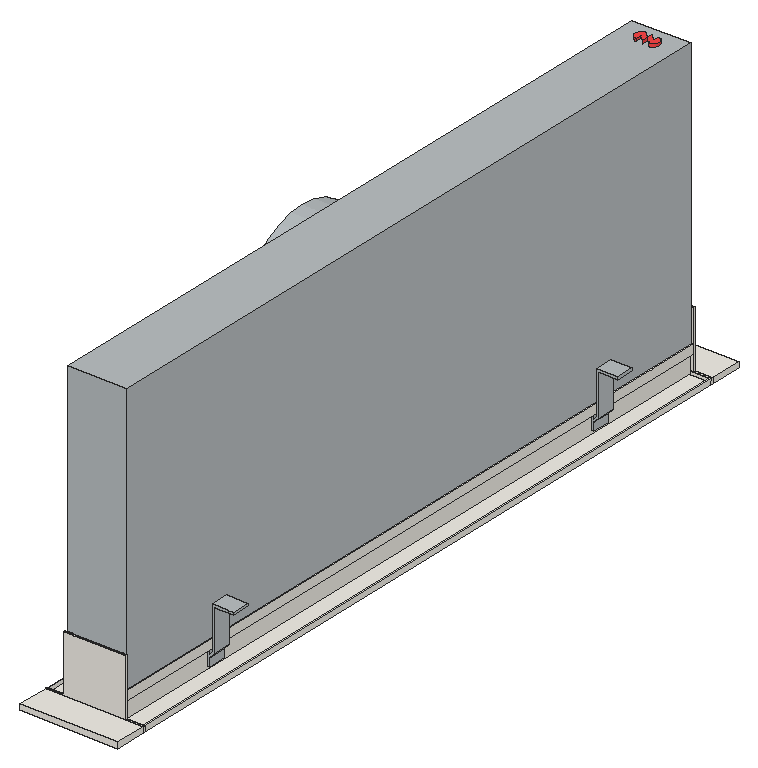
Revit family "NLRS_57_AIR_UN_linear-ceiling-grill-srodxRUx_return_LT_sacs", category Air Terminals, Revit 2021
Family settings
  Round Connector Dimension = Use Diameter
  Part Type = Normal
  Work Plane-Based = No
  Always vertical = Yes
  Cut with Voids When Loaded = No
  Shared = No
  Room Calculation Point = Yes
Parameters (values of type "600")
  URL = "https://solid-air.nl/producten/solid-air-lijnrooster-stad-stbd-srod/"
  Type Comments = "Standard grill with standard plenum"  # constant formula
  Swap_Endcap [instance] = no
  Slots (1-4) [instance] = 1
  SACS_Type_Mark [instance] = ""
  SACS_Standard_Color [instance] = yes
  SACS_Show_Symbol [instance] = yes
  SACS_Show_Arrows [instance] = yes
  SACS_Plenum_Offset [instance] = if(SACS_Index4 = 2 mm, 10 mm, 17.6 mm)  # 17.6 mm
  SACS_Plenum_L [instance] = NLRS_C_lengte - 12 mm  # 588 mm
  SACS_Plenum_H [instance] = 95 mm + NLRS_M_c01_diameter + 25 mm  # 245 mm
  SACS_Plenum_B [instance] = if(SACS_Index4 = 2 mm, 63 mm, 48.8 mm) + (SACS_Index1 - 1 mm) * 43.3  # 48.8 mm
  SACS_Option_5 [instance] = if([Slots (1-4)] < 2, "Single slot", if([Slots (1-4)] = 2, "2 slots", if([Slots (1-4)] = 3, "3 slots", "4 slots")))  # "Single slot"
  SACS_Option_4_Value [instance] = if([Brackets (0-3)] = 1, 1, if([Brackets (0-3)] = 2, 2, if([Brackets (0-3)] = 3, 3, 5)))  # 1
  SACS_Option_4 [instance] = if([Brackets (0-3)] = 1, "A = Grill bracket A", if([Brackets (0-3)] = 2, "B = Plenum bracket B", if([Brackets (0-3)] > 2, "C = Plenum bracket C", "O = None")))  # "A = Grill bracket A"
  SACS_Option_3 [instance] = if([Plenum_Type (1-2)] < 2, "R = Lined", "U = Plain")  # "R = Lined"
  SACS_Option_2 [instance] = if([Endcaps (0-3)] < 1, "A = None", if([Endcaps (0-3)] = 1, "B = One endcap", if([Endcaps (0-3)] = 2, "C = Two endcaps", "D = Two flat endcaps")))  # "C = Two endcaps"
  SACS_Option_1 [instance] = "SROD"  # constant formula
  SACS_Offset1 [instance] = 99.5 mm + (SACS_Diameter / 2)  # 161 mm
  SACS_Model [instance] = size_lookup(SACS_Data_Hidden, "Model", "NB", NLRS_C_lengte, SACS_Index1, SACS_Index2, SACS_Index3, SACS_Index4)  # "SRODCRA 600-1"
  SACS_Index4 [instance] = if([Brackets (0-3)] < 1, 5, if([Brackets (0-3)] > 3, 3, [Brackets (0-3)] - 1)) * 1 mm  # 0 mm
  SACS_Index3 [instance] = if([Plenum_Type (1-2)] < 2, 1 mm, 2 mm)  # 1 mm
  SACS_Index2 [instance] = if([Endcaps (0-3)] < 1, 0, if([Endcaps (0-3)] > 2, 3, [Endcaps (0-3)])) * 1 mm  # 2 mm
  SACS_Index1 [instance] = if([Slots (1-4)] < 2, 1 mm, if([Slots (1-4)] = 2, 2 mm, if([Slots (1-4)] = 3, 3 mm, 4 mm)))  # 1 mm
  SACS_Face_Color [instance] = NLRS_57_anodised aluminium_RAL9010_gen_sacs
  SACS_Dummy = 1  # constant formula
  SACS_Diameter [instance] = NLRS_M_c01_diameter - 2 mm  # 123 mm
  SACS_Data_Hidden = "SRODxRUx"  # constant formula
  SACS_Custom_Color [instance] = ""
  SACS_Color_Ral [instance] = yes
  SACS_Color [instance] = if(SACS_Standard_Color, "RAL9010", SACS_Custom_Color)  # "RAL9010"
  SACS_Base_Index = 1
  SACS_Article_Code [instance] = if(SACS_Standard_Color, size_lookup(SACS_Data_Hidden, "ArticleCode", "NB", NLRS_C_lengte, SACS_Index1, SACS_Index2, SACS_Index3, SACS_Index4), "NB")  # "NB"
  SACS_Array_End [instance] = SACS_Array_Base * SACS_Array_Count * 2  # 400 mm
  SACS_Array_Count [instance] = if(NLRS_C_lengte > 1200 mm, 3, 2)  # 2
  SACS_Array_Base [instance] = NLRS_C_lengte / (SACS_Array_Count + 1) / 2  # 100 mm
  SA-Select [instance] = "https://selectietool.solid-air.nl/Dashboard/CPMDashPage/Show/7"
  Plenum_Type (1-2) [instance] = 1
  Plenum_Material = NLRS_57_sendzimir verzinkt_gen_sacs
  NLRS_M_c01_drukverlies_statisch [instance] = 0.0 Pa
  NLRS_M_c01_diameter [instance] = size_lookup(SACS_Data_Hidden, "Diam", 125 mm, NLRS_C_lengte, SACS_Index1, SACS_Index2, SACS_Index3, SACS_Index4)  # 125 mm
  NLRS_M_c01_debiet [instance] = 0.0 L/s
  NLRS_C_model [instance] = SACS_Model  # "SRODCRA 600-1"
  NLRS_C_materiaal_kleur [instance] = SACS_Color  # "RAL9010"
  NLRS_C_lengte [instance] = if(SACS_Base_Index = 1, 600 mm, if(SACS_Base_Index = 2, 750 mm, if(SACS_Base_Index = 3, 900 mm, if(SACS_Base_Index = 4, 1200 mm, if(SACS_Base_Index = 5, 1500 mm, 1800 mm)))))  # 600 mm
  NLRS_C_hoogte [instance] = SACS_Plenum_H * SACS_Dummy  # 245 mm
  NLRS_C_gtin_code [instance] = if(SACS_Standard_Color, size_lookup(SACS_Data_Hidden, "GTIN", "NB", NLRS_C_lengte, SACS_Index1, SACS_Index2, SACS_Index3, SACS_Index4), "NB")  # "NB"
  NLRS_C_description = Description  # "Solid Air Line Diffuser"
  NLRS_C_content_versie = "2.21.01"  # constant formula
  NLRS_C_content_provider = "Solid Air Climate Solutions"  # constant formula
  NLRS_C_content_datum_gewijzigd = "29-02-2024"  # constant formula
  NLRS_C_content_creator = "J.Feeke"  # constant formula
  NLRS_C_breedte [instance] = if([Brackets (0-3)] > 2, 65 mm, 52 mm) + (SACS_Index1 - 1 mm) * 43.3  # 52 mm
  Model = "Standard available SROD model and types"  # constant formula
  Min Flow = 0.0 L/s
  Max Flow = 0.0 L/s
  Manufacturer = "Solid Air Climate Solutions"  # constant formula
  Endcaps (0-3) [instance] = 2
  Description = "Solid Air Line Diffuser"  # constant formula
  Default Elevation = 2700 mm
  Brackets (0-3) [instance] = 1
  Assembly Code = "57.00"
Types (7, lengths in mm): name | SACS_Plenum_L | SACS_Plenum_H | SACS_Offset1 | SACS_Model | SACS_Diameter | SACS_Base_Index | SACS_Article_Code | SACS_Array_End | SACS_Array_Count | SACS_Array_Base | NLRS_M_c01_diameter | NLRS_C_model | NLRS_C_lengte | NLRS_C_hoogte
  (no name) | 588 | 245 | 161 | "SRODCRA 600-1" | 123 | 1 | "NB" | 400 | 2 | 100 | 125 | "SRODCRA 600-1" | 600 | 245
  600 | 588 | 245 | 161 | "SRODCRA 600-1" | 123 | 1 | "NB" | 400 | 2 | 100 | 125 | "SRODCRA 600-1" | 600 | 245
  750 | 738 | 245 | 161 | "SRODCRA 750-1" | 123 | 2 | "NB" | 500 | 2 | 125 | 125 | "SRODCRA 750-1" | 750 | 245
  900 | 888 | 245 | 161 | "SRODCRA 900-1" | 123 | 3 | "NB" | 600 | 2 | 150 | 125 | "SRODCRA 900-1" | 900 | 245
  1200 | 1188 | 280 | 178.5 | "SRODCRA 1200-1" | 158 | 4 | "8101006212" | 800 | 2 | 200 | 160 | "SRODCRA 1200-1" | 1200 | 280
  1500 | 1488 | 280 | 178.5 | "SRODCRA 1500-1" | 158 | 5 | "NB" | 1125 | 3 | 187.5 | 160 | "SRODCRA 1500-1" | 1500 | 280
  1800 | 1788 | 320 | 198.5 | "SRODCRA 1800-1" | 198 | 6 | "NB" | 1350 | 3 | 225 | 200 | "SRODCRA 1800-1" | 1800 | 320
Reference planes
  plane 1 "Center (Front/Back)": y = 0
  plane 2: z = 0
  plane 3 "Center (Left/Right)": x = 0
  plane 4: y = 300
  plane 5: y = -300
  plane 6: y = 294
  plane 7: y = -294
  plane 8: x = -24.4
  plane 9: x = 24.4
  plane 10: x = -26
  plane 11: x = 26
  plane 12: x = -76
  plane 13: x = 76
  plane 14: z = 17.6
  plane 15: z = 161
  plane 16 "Top": z = 245
  plane 17: y = -200
  plane 18: y = 200
Forms (mm)
  Extrusion 1, solid, material "NLRS_57_sendzimir verzinkt_gen_sacs" <- "Plenum_Material", detail levels medium+fine
    sketch origin (0, 0, 0) x (1, 0, 0) y (0, 0, 1)
      loop
        line (-24.4, 245) -> (-24.4, 17.6) -> (24.4, 17.6) -> (24.4, 245) -> (-24.4, 245)
    from -294 to 294
  Extrusion 2, solid, material "NLRS_57_sendzimir verzinkt_gen_sacs" <- "Plenum_Material", detail levels medium+fine
    sketch origin (0, 0, 0) x (0, 1, 0) y (0, 0, 1)
      loop
        circle (0, 161) r 61.5
    from -64.4 to -24.4
Lines and regions (mm)
  model lines, visible <- "SACS_Show_Symbol", detail levels coarse
    curve 1: line (-26, 300, 0) -> (26, 300, 0)
    curve 2: line (-26, -300, 0) -> (-26, 300, 0)
    curve 3: line (26, -300, 0) -> (-26, -300, 0)
    curve 4: line (26, 300, 0) -> (26, -300, 0)
    curve 5: line (-26, 300, 0) -> (26, -300, 0)
Dimensions and locks
  equal spacing: plane 5, plane 1 "Center (Front/Back)", plane 4
  "NLRS_C_lengte": plane 5 to plane 4
  equal spacing: plane 6, plane 1 "Center (Front/Back)", plane 7
  "SACS_Plenum_L": plane 6 to plane 7
  equal spacing: plane 10, plane 3 "Center (Left/Right)", plane 11
  "NLRS_C_breedte": plane 10 to plane 11
  "SACS_Plenum_B": plane 8 to plane 9
  equal spacing: plane 8, plane 3 "Center (Left/Right)", plane 9
  locked: plane 12 to plane 10 at 50
  locked: plane 11 to plane 13 at 50
  "SACS_Plenum_Offset": plane 14 to plane 2
  "SACS_Plenum_H": plane 16 "Top" to plane 2
  "SACS_Offset1": plane 15 to plane 2
  locked: Extrusion 2 to plane 8 at 40
  "SACS_Array_Base": plane 5 to plane 17
  "SACS_Array_End": plane 18 to plane 17
  locked: plane 6 to nested 4 at 15
  group 1 to group 2 = 0 mm  (x2)
  group 1 to group 2 = 400 mm
  group 3 to group 4 = 0 mm  (x2)
  group 3 to group 4 = 400 mm
  "SACS_Diameter": diameter of Extrusion 2 sketch curve
  aligned and locked: level to plane 2
  aligned and locked: plane 8 to Extrusion 1 sketch curve
  aligned and locked: Extrusion 1 sketch curve to plane 9
  aligned and locked: plane 14 to Extrusion 1 sketch curve
  aligned and locked: Extrusion 1 sketch curve to plane 16 "Top"
  aligned and locked: plane 6 to Extrusion 1
  aligned and locked: Extrusion 1 to plane 7
  aligned and locked: plane 15 to Extrusion 2 sketch curve
  aligned and locked: plane 1 "Center (Front/Back)" to Extrusion 2 sketch curve
  aligned and locked: plane 8 to Extrusion 2
  aligned and locked: plane 1 "Center (Front/Back)" to nested 3
  aligned and locked: plane 3 "Center (Left/Right)" to nested 3
  aligned and locked: curve 2 to plane 10
  aligned and locked: plane 4 to curve 1
  aligned and locked: curve 3 to plane 5
  aligned and locked: plane 11 to curve 4
  aligned and locked: plane 3 "Center (Left/Right)" to nested 4
  aligned and locked: nested 2 to plane 17
  aligned and locked: nested 1 to plane 17
  aligned and locked: nested 1 to plane 13
  aligned and locked: plane 12 to nested 2
  aligned and locked: plane 12 to nested 5
  aligned and locked: nested 5 to plane 18
  aligned and locked: nested 6 to plane 18
  aligned and locked: nested 6 to plane 13
Nested families
  nested 1: "Arrow" at (251, -200, 0) x (-1, 0, 0) z (0, 0, 1), visible <- "SACS_Show_Arrows", type "Arrow"
  nested 2: "Arrow" at (-251, -200, 0), visible <- "SACS_Show_Arrows", type "Arrow"
  nested 3: "SxDxxx" at (0, 0, -4.5), type "SxDxxx", detail levels medium+fine
    with SACS_Array_End 400 mm, SACS_Array_Count 2, SACS_Array_Base 100 mm
  nested 4: "logo_SACS" at (0, 279, 245), type "logo_SACS"
    with t 5 mm
  nested 5: "Arrow" at (-251, 200, 0), visible <- "SACS_Show_Arrows", type "Arrow"
  nested 6: "Arrow" at (251, 200, 0) x (-1, 0, 0) z (0, 0, 1), visible <- "SACS_Show_Arrows", type "Arrow"
Connectors
  hvac at (-24.4, 0, 161), driven by "NLRS_M_c01_diameter", driven by "NLRS_M_c01_debiet", driven by "NLRS_M_c01_drukverlies_statisch"
    settings: on Extrusion 2, index 1, duct flow 0.0 L/s, flow factor 0, pres drop 0.0 Pa, loss coef 0, conn angle 0.00°, conn width 304.8 mm, conn height 304.8 mm, conn diameter 125 mm, duct sys type 2, conn prof type 0, flow config 1, flow direction 2, loss method 4, conn ref index -1, conn util no, is conn primary yes, conn desc ""
Definition of nested family "SxDxxx"
  Parameters (values of type "SxDxxx")
    dummy = 1  # constant formula
    Swap_Endcap = no
    Slots (1-4) = 1
    Single_Slot = [Slots (1-4)] = 2  # no
    Safe_count = if([Slots (1-4)] < 3, 2, [Slots (1-4)] - 1)  # 2
    SACS_Width2 = (if([Slots (1-4)] < 2, 1, [Slots (1-4)])) * 43.3 mm  # 43.3 mm
    SACS_Real_Length = (L - 10 mm) * dummy  # 590 mm
    SACS_Array_End [instance] = SACS_Array_Base * SACS_Array_Count * 2  # 400 mm
    SACS_Array_Count [instance] = if(L > 600 mm, if(L - (rounddown(L / 600 mm) * 600 mm) = 0 mm, rounddown(L / 600 mm), rounddown(L / 600 mm) + 1), 2)  # 2
    SACS_Array_Base [instance] = L / (SACS_Array_Count + 1) / 2  # 100 mm
    Multiple_slot = [Slots (1-4)] > 2  # no
    Material = none
    L = 600 mm
    Flat_Front = or(Endplate_Front, [Endcaps (0-3)] = 3)  # yes
    Flat_Back = or(Endplate_Back, [Endcaps (0-3)] = 3)  # yes
    Endplate_Front = or(and([Endcaps (0-3)] > 1, [Endcaps (0-3)] < 3), and([Endcaps (0-3)] = 1, not(Swap_Endcap)))  # yes
    Endplate_Back = or(and([Endcaps (0-3)] > 1, [Endcaps (0-3)] < 3), and([Endcaps (0-3)] = 1, Swap_Endcap))  # yes
    Endcaps (0-3) = 2
    Description = "ST grill with brackets"  # constant formula
    Default Elevation = 2700 mm
    D = 125 mm
    Ceiling = 5 mm
    Brackets (0-4) = 1
  Reference planes
    plane 1 "Center (Front/Back)": y = 0
    plane 2: z = 0
    plane 3 "Center (Left/Right)": x = 0
    plane 4: y = 300
    plane 5: y = -300
    plane 6: y = 295
    plane 7: y = -295
    plane 8: y = -200
    plane 9: y = 200
    plane 10: x = -21.65
    plane 11 "first_midprofile": x = 21.65
    plane 12 "second midprofile": x = 64.95
    plane 13: z = 4.5
    plane 14: z = 52
    plane 15: z = 35.05
    plane 16: z = 32.55
    plane 17: z = 31.05
    plane 18: z = 36.55
    plane 19: z = 25.6
    plane 20: z = 22.1
    plane 21: z = 20.6
    plane 22: z = 17.6
    plane 23: x = -17.65
    plane 24: x = -25.95
    plane 25: x = -40.6
    plane 26: x = -9.6
    plane 27: x = 21.65
    plane 28: x = 17.65
    plane 29: x = 25.95
    plane 30: x = 40.6
    plane 31: x = 9.6
    plane 32: z = 1.5
    plane 33: x = -39.6
    plane 34: x = 39.6
    plane 35: x = -24.95
    plane 36: x = -22.4
    plane 37: x = -20.9
    plane 38: x = 22.4
    plane 39: x = 20.9
    plane 40: x = 24.95
    plane 41: y = -323.5
    plane 42: y = 323.5
    plane 43: y = -296.5
    plane 44: y = 296.5
  Forms (mm)
    Extrusion 1, solid, material <- "Material", detail levels medium+fine
      sketch origin (0, 0, 0) x (1, 0, 0) y (0, 0, 1)
        loop
          line (-20.9, 52) -> (-22.4, 52) -> (-22.4, 22.1) -> (-24.95, 22.1) -> (-24.95, 25.6) -> (-25.95, 25.6) -> (-25.95, 17.6) -> (-24.95, 17.6) -> (-24.95, 20.6) -> (-22.4, 20.6) -> (-22.4, 1.5) -> (-39.6, 1.5) -> (-39.6, 4.5) -> (-40.6, 4.5) -> (-40.6, 0) -> (-9.6, 0) -> (-9.6, 1.5) -> (-20.9, 1.5) -> (-20.9, 31.05) -> (-17.65, 31.05) -> (-17.65, 32.55) -> (-20.9, 32.55) -> (-20.9, 35.05) -> (-17.65, 35.05) -> (-17.65, 36.55) -> (-20.9, 36.55) -> (-20.9, 52)
        loop
          line (9.6, 1.5) -> (9.6, 0) -> (40.6, 0) -> (40.6, 4.5) -> (39.6, 4.5) -> (39.6, 1.5) -> (22.4, 1.5) -> (22.4, 20.6) -> (24.95, 20.6) -> (24.95, 17.6) -> (25.95, 17.6) -> (25.95, 25.6) -> (24.95, 25.6) -> (24.95, 22.1) -> (22.4, 22.1) -> (22.4, 52) -> (20.9, 52) -> (20.9, 36.55) -> (17.65, 36.55) -> (17.65, 35.05) -> (20.9, 35.05) -> (20.9, 32.55) -> (17.65, 32.55) -> (17.65, 31.05) -> (20.9, 31.05) -> (20.9, 1.5) -> (9.6, 1.5)
      from -295 to 295
    Extrusion 2, solid, material <- "Material", visible <- "Endplate_Front", detail levels medium+fine
      sketch origin (0, 0, 0) x (1, 0, 0) y (0, 1, 0)
        loop
          line (-40.6, -295) -> (-40.6, -323.5) -> (40.6, -323.5) -> (40.6, -295) -> (-40.6, -295)
      from 0 to 4.5
    Extrusion 3, solid, material <- "Material", visible <- "Endplate_Back", detail levels medium+fine
      sketch origin (0, 0, 0) x (1, 0, 0) y (0, 1, 0)
        loop
          line (-40.6, 323.5) -> (-40.6, 295) -> (40.6, 295) -> (40.6, 323.5) -> (-40.6, 323.5)
      from 0 to 4.5
    Extrusion 4, solid, material <- "Material", visible <- "Flat_Front", detail levels medium+fine
      sketch origin (0, 0, 0) x (1, 0, 0) y (0, 0, 1)
        loop
          line (-25.95, 52) -> (-25.95, 4.5) -> (-40.6, 4.5) -> (-40.6, 0) -> (40.6, 0) -> (40.6, 4.5) -> (25.95, 4.5) -> (25.95, 52) -> (-25.95, 52)
      from 295 to 296.5
    Extrusion 5, solid, material <- "Material", visible <- "Flat_Back", detail levels medium+fine
      sketch origin (0, 0, 0) x (1, 0, 0) y (0, 0, 1)
        loop
          line (-25.95, 52) -> (-25.95, 4.5) -> (-40.6, 4.5) -> (-40.6, 0) -> (40.6, 0) -> (40.6, 4.5) -> (25.95, 4.5) -> (25.95, 52) -> (-25.95, 52)
      from -296.5 to -295
    Extrusion 6, solid, not visible
      sketch origin (-525.994, -297.937, 0) x (1, 0, 0) y (0, 1, 0)
        loop
          arc (545.644, 299.937) -> (543.644, 297.937) -> (545.644, 295.937) r 2
          line (545.644, 295.937) -> (545.644, 297.937) -> (547.644, 295.937) -> (547.644, 297.937) -> (545.644, 299.937)
      from 0 to 2
    Extrusion 7, solid, not visible
      sketch origin (21.65, 0, 0) x (1, 0, 0) y (0, 1, 0)
        loop
          arc (2, -2) -> (4, 0) -> (2, 2) r 2
          line (2, 2) -> (2, 0) -> (0, 2) -> (0, 0) -> (2, -2)
      from 0 to 2
  Dimensions and locks
    equal spacing: plane 4, plane 1 "Center (Front/Back)", plane 5
    "L": plane 4 to plane 5
    equal spacing: plane 6, plane 1 "Center (Front/Back)", plane 7
    "SACS_Real_Length": plane 6 to plane 7
    "SACS_Array_Base": plane 8 to plane 5
    "SACS_Array_End": plane 9 to plane 8
    plane 10 to plane 3 "Center (Left/Right)" = 21.65 mm
    locked: plane 12 "second midprofile" to plane 11 "first_midprofile" at 43.3
    locked: plane 10 to plane 11 "first_midprofile" at 43.3
    locked: plane 13 to plane 2 at 4.5
    locked: plane 14 to plane 2 at 52
    plane 14 to plane 18 to plane 15 to plane 16 to plane 17 = 15.45 mm locked, 1.5 mm, 2.5 mm locked, 1.5 mm
    plane 26 to plane 10 to plane 25 = 12.05 mm locked, 18.95 mm locked
    plane 23 to plane 10 to plane 24 = 4 mm locked, 4.3 mm locked
    plane 31 to plane 27 to plane 30 = 12.05 mm locked, 18.95 mm locked
    plane 28 to plane 27 to plane 29 = 4 mm locked, 4.3 mm locked
    equal spacing: plane 10, plane 3 "Center (Left/Right)", plane 27
    "SACS_Width2": plane 10 to plane 27
    locked: plane 19 to plane 20 at 3.5
    locked: plane 20 to plane 21 at 1.5
    locked: plane 21 to plane 22 at 3
    locked: plane 22 to plane 2 at 17.6
    locked: plane 33 to plane 25 at 1
    plane 32 to plane 2 = 1.5 mm
    locked: plane 35 to plane 24 at 1
    locked: plane 37 to plane 10 at 0.75
    locked: plane 10 to plane 36 at 0.75
    locked: plane 27 to plane 39 at 0.75
    locked: plane 38 to plane 27 at 0.75
    locked: plane 34 to plane 30 at 1
    locked: plane 40 to plane 29 at 1
    group 1 to group 2 = 43.3 mm
    group 1 to group 2 = 0 mm  (x2)
    locked: plane 7 to plane 41 at 28.5
    locked: plane 6 to plane 42 at 28.5
    locked: plane 7 to plane 43 at 1.5
    locked: plane 44 to plane 6 at 1.5
    group 3 to group 4 = 0 mm  (x2)
    group 3 to group 4 = 400 mm
    aligned and locked: level to plane 2
    aligned and locked: plane 1 "Center (Front/Back)" to nested 1
    aligned and locked: plane 3 "Center (Left/Right)" to nested 1
    aligned and locked: Extrusion 1 sketch curve to plane 37
    aligned and locked: plane 37 to Extrusion 1 sketch curve  (x2)
    aligned and locked: Extrusion 1 sketch curve to plane 36
    aligned and locked: plane 36 to Extrusion 1 sketch curve
    aligned and locked: Extrusion 1 sketch curve to plane 14
    aligned and locked: plane 18 to Extrusion 1 sketch curve
    aligned and locked: Extrusion 1 sketch curve to plane 15
    aligned and locked: plane 16 to Extrusion 1 sketch curve
    aligned and locked: Extrusion 1 sketch curve to plane 17
    aligned and locked: Extrusion 1 sketch curve to plane 19
    aligned and locked: plane 22 to Extrusion 1 sketch curve
    aligned and locked: Extrusion 1 sketch curve to plane 20
    aligned and locked: plane 21 to Extrusion 1 sketch curve
    aligned and locked: Extrusion 1 sketch curve to plane 24
    aligned and locked: plane 35 to Extrusion 1 sketch curve
    aligned and locked: Extrusion 1 sketch curve to plane 35
    aligned and locked: Extrusion 1 sketch curve to plane 23  (x2)
    aligned and locked: Extrusion 1 sketch curve to plane 32
    aligned and locked: plane 32 to Extrusion 1 sketch curve  (x3)
    aligned and locked: plane 33 to Extrusion 1 sketch curve
    aligned and locked: plane 13 to Extrusion 1 sketch curve
    aligned and locked: Extrusion 1 sketch curve to plane 25
    aligned and locked: Extrusion 1 sketch curve to plane 2  (x2)
    aligned and locked: Extrusion 1 sketch curve to plane 30
    aligned and locked: plane 31 to Extrusion 1 sketch curve
    aligned and locked: plane 39 to Extrusion 1 sketch curve
    aligned and locked: Extrusion 1 sketch curve to plane 39
    aligned and locked: plane 14 to Extrusion 1 sketch curve
    aligned and locked: Extrusion 1 sketch curve to plane 38
    aligned and locked: plane 38 to Extrusion 1 sketch curve
    aligned and locked: Extrusion 1 sketch curve to plane 22
    aligned and locked: plane 19 to Extrusion 1 sketch curve
    aligned and locked: plane 29 to Extrusion 1 sketch curve
    aligned and locked: plane 28 to Extrusion 1 sketch curve  (x2)
    aligned and locked: Extrusion 1 sketch curve to plane 18
    aligned and locked: plane 15 to Extrusion 1 sketch curve
    aligned and locked: Extrusion 1 sketch curve to plane 16
    aligned and locked: plane 17 to Extrusion 1 sketch curve
    aligned and locked: Extrusion 1 sketch curve to plane 40  (x2)
    aligned and locked: plane 20 to Extrusion 1 sketch curve
    aligned and locked: Extrusion 1 sketch curve to plane 21
    aligned and locked: Extrusion 1 to plane 6
    aligned and locked: Extrusion 1 to plane 7
    aligned and locked: plane 11 "first_midprofile" to nested 2
    aligned and locked: plane 12 "second midprofile" to nested 3
    aligned and locked: Extrusion 2 to plane 25
    aligned and locked: Extrusion 2 sketch curve to plane 25
    aligned and locked: Extrusion 2 sketch curve to plane 7
    aligned and locked: Extrusion 2 sketch curve to plane 41
    aligned and locked: Extrusion 2 sketch curve to plane 30
    aligned and locked: Extrusion 2 to plane 2
    aligned and locked: plane 13 to Extrusion 2
    aligned and locked: Extrusion 3 sketch curve to plane 6
    aligned and locked: plane 25 to Extrusion 3 sketch curve
    aligned and locked: plane 30 to Extrusion 3 sketch curve
    aligned and locked: plane 42 to Extrusion 3 sketch curve
    aligned and locked: Extrusion 3 to plane 2
    aligned and locked: plane 13 to Extrusion 3
    aligned and locked: Extrusion 4 sketch curve to plane 14
    aligned and locked: Extrusion 4 sketch curve to plane 29
    aligned and locked: plane 13 to Extrusion 4 sketch curve  (x2)
    aligned and locked: Extrusion 4 sketch curve to plane 30
    aligned and locked: Extrusion 4 sketch curve to plane 24
    aligned and locked: Extrusion 4 sketch curve to plane 25
    aligned and locked: Extrusion 4 sketch curve to plane 2
    aligned and locked: Extrusion 4 to plane 7
    aligned and locked: Extrusion 4 to plane 43
    aligned and locked: Extrusion 5 to plane 6
    aligned and locked: Extrusion 5 to plane 44
    aligned and locked: Extrusion 5 sketch curve to plane 24
    aligned and locked: Extrusion 5 sketch curve to plane 29
    aligned and locked: Extrusion 5 sketch curve to plane 25
    aligned and locked: Extrusion 5 sketch curve to plane 2
    aligned and locked: plane 13 to Extrusion 5 sketch curve  (x2)
    aligned and locked: Extrusion 5 sketch curve to plane 30
    aligned and locked: Extrusion 5 sketch curve to plane 14
    aligned and locked: nested 4 to plane 8
    aligned and locked: nested 5 to plane 9
  Automatic sketch dimensions
    Extrusion 1 sketch curve to plane 26 = 0 mm
    plane 39 to Extrusion 1 sketch curve = 0 mm
    Extrusion 1 sketch curve to plane 13 = 0 mm
    plane 34 to Extrusion 1 sketch curve = 0 mm
    plane 33 to Extrusion 6 sketch curve = 59.25 mm
    Extrusion 6 sketch curve to Extrusion 6 sketch curve = 2 mm  (x3)
    Extrusion 6 sketch curve to plane 6 = 297 mm
    Extrusion 6 sketch curve to Extrusion 6 sketch curve = 0 mm  (x2)
    plane 33 to Extrusion 7 sketch curve = 61.25 mm
    Extrusion 7 sketch curve to Extrusion 7 sketch curve = 2 mm  (x2)
    Extrusion 7 sketch curve to plane 6 = 297 mm
    Extrusion 7 sketch curve to Extrusion 7 sketch curve = 0 mm  (x3)
  Nested families
    nested 1: "midprofile" at (0, 0, 0), visible <- "Single_Slot", type "midprofile", detail levels medium+fine
    nested 2: "midprofile" at (21.65, 0, 0), visible <- "Multiple_slot", type "midprofile", detail levels medium+fine
    nested 3: "midprofile" at (64.95, 0, 0), visible <- "Multiple_slot", type "midprofile", detail levels medium+fine
    nested 4: "bracket" at (0, -200, 0), type "bracket"
    nested 5: "bracket" at (0, 200, 0), type "bracket"
  Definition of nested family "midprofile"
    Parameters (values of type "midprofile")
      Material = none
      Draw_Length = 590 mm
      Description = "midprofile line diffusers"  # constant formula
      Default Elevation = 0 mm
    Reference planes
      plane 1 "Center (Front/Back)": y = 0
      plane 2: z = 0
      plane 3 "Center (Left/Right)": x = 0
      plane 4: y = 295
      plane 5: y = -295
      plane 6: x = -12
      plane 7: x = 12
      plane 8: x = -0.75
      plane 9: x = 0.75
      plane 10: z = 1.5
      plane 11: z = 30.3
    Forms (mm)
      Extrusion 1, solid, material <- "Material", detail levels medium+fine
        sketch origin (0, 0, 0) x (1, 0, 0) y (0, 0, 1)
          loop
            line (-0.75, 30.3) -> (-0.75, 1.5) -> (-12, 1.5) -> (-12, 0) -> (12, 0) -> (12, 1.5) -> (0.75, 1.5) -> (0.75, 30.3) -> (-0.75, 30.3)
        from -295 to 295
      Extrusion 2, solid, not visible
        sketch origin (-547.644, -297.937, 0) x (1, 0, 0) y (0, 1, 0)
          loop
            arc (545.644, 299.937) -> (543.644, 297.937) -> (545.644, 295.937) r 2
            line (545.644, 295.937) -> (545.644, 297.937) -> (547.644, 295.937) -> (547.644, 297.937) -> (545.644, 299.937)
        from 0 to 2
      Extrusion 3, solid, not visible
        sketch origin (0, 0, 0) x (1, 0, 0) y (0, 1, 0)
          loop
            arc (2, -2) -> (4, 0) -> (2, 2) r 2
            line (2, 2) -> (2, 0) -> (0, 2) -> (0, 0) -> (2, -2)
        from 0 to 2
    Dimensions and locks
      equal spacing: plane 4, plane 1 "Center (Front/Back)", plane 5
      "Draw_Length": plane 4 to plane 5
      locked: plane 10 to plane 2 at 1.5
      equal spacing: plane 9, plane 3 "Center (Left/Right)", plane 8
      locked: plane 9 to plane 8 at 1.5
      equal spacing: plane 7, plane 3 "Center (Left/Right)", plane 6
      locked: plane 7 to plane 6 at 24
      locked: plane 11 to plane 2 at 30.3
      aligned and locked: level to plane 2
      aligned and locked: plane 8 to Extrusion 1 sketch curve
      aligned and locked: Extrusion 1 sketch curve to plane 9
      aligned and locked: Extrusion 1 sketch curve to plane 11
      aligned and locked: Extrusion 1 sketch curve to plane 7
      aligned and locked: plane 6 to Extrusion 1 sketch curve
      aligned and locked: Extrusion 1 sketch curve to plane 10  (x2)
      aligned and locked: plane 2 to Extrusion 1 sketch curve
      aligned and locked: plane 4 to Extrusion 1
      aligned and locked: Extrusion 1 to plane 5
    Automatic sketch dimensions
      Extrusion 2 sketch curve to plane 7 = 14 mm
      Extrusion 2 sketch curve to Extrusion 2 sketch curve = 2 mm  (x3)
      plane 1 "Center (Front/Back)" to Extrusion 2 sketch curve = 2 mm
      Extrusion 2 sketch curve to Extrusion 2 sketch curve = 0 mm  (x2)
      Extrusion 3 sketch curve to plane 7 = 12 mm
      Extrusion 3 sketch curve to Extrusion 3 sketch curve = 2 mm  (x2)
      plane 1 "Center (Front/Back)" to Extrusion 3 sketch curve = 2 mm
      Extrusion 3 sketch curve to Extrusion 3 sketch curve = 0 mm  (x3)
  Definition of nested family "bracket"
    Parameters (values of type "bracket")
      slots = 1
      count = if(slots < 1, 0, (slots - 1)) * Dummy  # 0
      Type_D = Bracket = 4  # no
      Type_CD = or(Type_C, Type_D)  # no
      Type_C = Bracket = 3  # no
      Type_B = Bracket = 2  # no
      Type_A = Bracket = 1  # yes
      Material = none
      Dummy = 1  # constant formula
      Diameter = 125 mm
      Default Elevation = 0 mm
      Ceiling = 5 mm
      Bracket = 1
    Reference planes
      plane 1 "Center (Front/Back)": y = 0
      plane 2: z = 0
      plane 3 "Center (Left/Right)": x = 0
      plane 4: y = 7.5
      plane 5: y = -7.5
    Forms (mm)
      Sweep 1, solid, material <- "Material", visible <- "Type_A", detail levels medium+fine
        path in 3D
          loop
            line (0, 7.5, 32.8) -> (0, -7.5, 32.8)
        profile "Profile_A : Profile_A" origin (0, 0, 32.8) x (0, 0, -1) y (1, 0, 0)
          loop
            line (-17.25, 44.75) -> (-19.25, 44.75) -> (-19.25, 26.85) -> (16.42, 26.85) -> (18.67, 24.6) -> (12.3, 24.6) -> (12.3, 22.6) -> (28.25, 22.6) -> (28.25, 24.6) -> (21.5, 24.6) -> (17.25, 28.85) -> (-17.25, 28.85) -> (-17.25, 44.75)
          loop
            line (-17.25, -44.75) -> (-17.25, -28.85) -> (17.25, -28.85) -> (21.5, -24.6) -> (28.25, -24.6) -> (28.25, -22.6) -> (12.3, -22.6) -> (12.3, -24.6) -> (18.67, -24.6) -> (16.42, -26.85) -> (-19.25, -26.85) -> (-19.25, -44.75) -> (-17.25, -44.75)
      Sweep 2, solid, material <- "Material", visible <- "Type_B", detail levels medium+fine
        path in 3D
          loop
            line (0, 7.5, 32.8) -> (0, -7.5, 32.8)
        profile "Profile_B : Profile_B" origin (0, 0, 32.8) x (0, 0, -1) y (1, 0, 0)
          loop
            line (-216.75, 56.4) -> (-216.75, 24.4) -> (-184.75, 24.4) -> (-184.75, 26.4) -> (-214.75, 26.4) -> (-214.75, 56.4) -> (-216.75, 56.4)
          loop
            line (-216.75, -56.4) -> (-214.75, -56.4) -> (-214.75, -26.4) -> (-184.75, -26.4) -> (-184.75, -24.4) -> (-216.75, -24.4) -> (-216.75, -56.4)
      Sweep 3, solid, material <- "Material", visible <- "Type_CD", detail levels medium+fine
        path in 3D
          loop
            line (0, 7.5, 32.8) -> (0, -7.5, 32.8)
        profile "Profile_CD : Profile_CD" origin (0, 0, 32.8) x (0, 0, -1) y (1, 0, 0)
          loop
            line (-40.7, 25) -> (-40.7, -25) -> (18.3, -30.5) -> (18.3, -28.5) -> (-38.7, -23.55) -> (-38.7, 23.55) -> (18.3, 28.5) -> (18.3, 30.5) -> (-40.7, 25)
          loop
            arc (-25, -8.5) -> (-24.298, -10.428) -> (-22.521, -11.454) r 3
            line (-22.521, -11.454) -> (-2.826, -14.925)
            arc (-2.826, -14.925) -> (-2.234, -15.267) -> (-2, -15.91) r 1
            line (-2, -15.91) -> (-2, -20.5) -> (0, -20.5) -> (0, -15.91)
            arc (0, -15.91) -> (-0.702, -13.982) -> (-2.479, -12.956) r 3
            line (-2.479, -12.956) -> (-22.174, -9.485)
            arc (-22.174, -9.485) -> (-22.766, -9.143) -> (-23, -8.5) r 1
            line (-23, -8.5) -> (-23, 8.5)
            arc (-23, 8.5) -> (-22.766, 9.143) -> (-22.174, 9.485) r 1
            line (-22.174, 9.485) -> (-2.479, 12.956)
            arc (-2.479, 12.956) -> (-0.702, 13.982) -> (0, 15.91) r 3
            line (0, 15.91) -> (0, 20.5) -> (-2, 20.5) -> (-2, 15.91)
            arc (-2, 15.91) -> (-2.234, 15.267) -> (-2.826, 14.925) r 1
            line (-2.826, 14.925) -> (-22.521, 11.454)
            arc (-22.521, 11.454) -> (-24.298, 10.428) -> (-25, 8.5) r 3
            line (-25, 8.5) -> (-25, -8.5)
      Extrusion 4, solid, not visible
        sketch origin (-547.644, -297.937, 0) x (1, 0, 0) y (0, 1, 0)
          loop
            arc (545.644, 299.937) -> (543.644, 297.937) -> (545.644, 295.937) r 2
            line (545.644, 295.937) -> (545.644, 297.937) -> (547.644, 295.937) -> (547.644, 297.937) -> (545.644, 299.937)
        from 0 to 2
      Extrusion 5, solid, not visible
        sketch origin (0, 0, 0) x (1, 0, 0) y (0, 1, 0)
          loop
            arc (2, -2) -> (4, 0) -> (2, 2) r 2
            line (2, 2) -> (2, 0) -> (0, 2) -> (0, 0) -> (2, -2)
        from 0 to 2
    Lines and regions (mm)
      model lines, not visible
        curve 1: line (0, 7.5, 32.8) -> (0, -7.5, 32.8)
      sketch lines
        curve 2: line (0, 7.5, 32.8) -> (0, -7.5, 32.8)
        curve 3: line (0, 7.5, 32.8) -> (0, -7.5, 32.8)
        curve 4: line (0, 7.5, 32.8) -> (0, -7.5, 32.8)
    Dimensions and locks
      equal spacing: plane 5, plane 1 "Center (Front/Back)", plane 4
      locked: plane 4 to plane 5 at 15
      locked: plane 2 to curve 1 at 32.8
      aligned and locked: level to plane 2
      aligned and locked: plane 5 to curve 1
      aligned and locked: plane 4 to curve 1
    Automatic sketch dimensions
      plane 1 "Center (Front/Back)" to Extrusion 4 sketch curve = 0 mm  (x3)
      Extrusion 4 sketch curve to plane 3 "Center (Left/Right)" = 0 mm
      Extrusion 4 sketch curve to plane 3 "Center (Left/Right)" = 2 mm
      Extrusion 4 sketch curve to Extrusion 4 sketch curve = 2 mm  (x2)
      plane 1 "Center (Front/Back)" to Extrusion 5 sketch curve = 0 mm  (x3)
      Extrusion 5 sketch curve to plane 3 "Center (Left/Right)" = 0 mm
      Extrusion 5 sketch curve to Extrusion 5 sketch curve = 2 mm  (x2)
      Extrusion 5 sketch curve to Extrusion 5 sketch curve = 0 mm
Definition of nested family "logo_SACS"
  Parameters (values of type "logo_SACS")
    t = 2 mm
    Model = "LOD 400"
    Description = "Model type"
    Default Elevation = 1219.2 mm
  Reference planes
    plane 1 "Center (Front/Back)": y = 0
    plane 2: z = 0
    plane 3 "Center (Left/Right)": x = 0
    plane 4: z = 2
    plane 5: x = -4
    plane 6: y = -2
    plane 7: y = 2
    plane 8: x = -2
    plane 9: x = 2
    plane 10: x = 4
  Forms (mm)
    Extrusion 1, solid
      sketch origin (-547.644, -297.937, 0) x (1, 0, 0) y (0, 1, 0)
        loop
          arc (545.644, 299.937) -> (543.644, 297.937) -> (545.644, 295.937) r 2
          line (545.644, 295.937) -> (545.644, 297.937) -> (547.644, 295.937) -> (547.644, 297.937) -> (545.644, 299.937)
      from 0 to 2
    Extrusion 2, solid
      sketch origin (0, 0, 0) x (1, 0, 0) y (0, 1, 0)
        loop
          arc (2, -2) -> (4, 0) -> (2, 2) r 2
          line (2, 2) -> (2, 0) -> (0, 2) -> (0, 0) -> (2, -2)
      from 0 to 2
  Dimensions and locks
    "t": plane 7 to plane 1 "Center (Front/Back)"
    "t": plane 6 to plane 1 "Center (Front/Back)"
    "t": plane 5 to plane 8
    "t": plane 8 to plane 3 "Center (Left/Right)"
    "t": plane 3 "Center (Left/Right)" to plane 9
    "t": plane 9 to plane 10
    aligned and locked: level to plane 2
    aligned and locked: plane 4 to Extrusion 1
  Automatic sketch dimensions
    plane 1 "Center (Front/Back)" to Extrusion 1 sketch curve = 0 mm  (x3)
    Extrusion 1 sketch curve to plane 8 = 0 mm
    Extrusion 1 sketch curve to plane 7 = 0 mm
    Extrusion 1 sketch curve to plane 3 "Center (Left/Right)" = 0 mm
    Extrusion 1 sketch curve to plane 6 = 0 mm
    Extrusion 2 sketch curve to plane 3 "Center (Left/Right)" = 0 mm
    plane 1 "Center (Front/Back)" to Extrusion 2 sketch curve = 0 mm  (x3)
    Extrusion 2 sketch curve to plane 6 = 0 mm
    Extrusion 2 sketch curve to plane 9 = 0 mm
    Extrusion 2 sketch curve to plane 7 = 0 mm
Definition of nested family "Arrow"
  Parameters (values of type "Arrow")
    Offset = 400 mm
    Arrow_Length = 175 mm  # constant formula
  Reference planes
    plane 1 "Center (Front/Back)": y = 0
    plane 2: z = 0
    plane 3 "Center (Left/Right)": x = 0
    plane 4: x = 175
    plane 5: y = 0
    plane 6: x = 175
    plane 7: x = 0
    plane 8: y = 0
  Lines and regions (mm)
    Filled region 1, type "Solid Fill - Black", in view "Ref. Level"
      outline origin (0, 0, 0) x (0, -1, 0) y (1, 0, 0)
        loop
          line (0, 175) -> (-21.131, 129.685) -> (21.131, 129.685) -> (0, 175)
    detail lines, in view "Ref. Level"
      curve 1: line (0, 0, 0) -> (152.343, 0, 0)
  Dimensions and locks
    locked: plane 3 "Center (Left/Right)" to plane 7
    locked: plane 8 to plane 1 "Center (Front/Back)" at 0
    locked: Filled region 1 sketch curve to Filled region 1 sketch curve at 50  (x2)
    "Arrow_Length": plane 3 "Center (Left/Right)" to plane 6
    locked: Filled region 1 sketch curve to curve 1 (angle 25.00°)
    locked: curve 1 to Filled region 1 sketch curve (angle 25.00°)
  Automatic sketch dimensions
    plane 1 "Center (Front/Back)" to Filled region 1 sketch curve = 0 mm
    Filled region 1 sketch curve to plane 4 = 45.315 mm
    plane 1 "Center (Front/Back)" to curve 1 = 0 mm
    curve 1 to plane 3 "Center (Left/Right)" = 0 mm
    curve 1 to plane 4 = 22.657 mm
